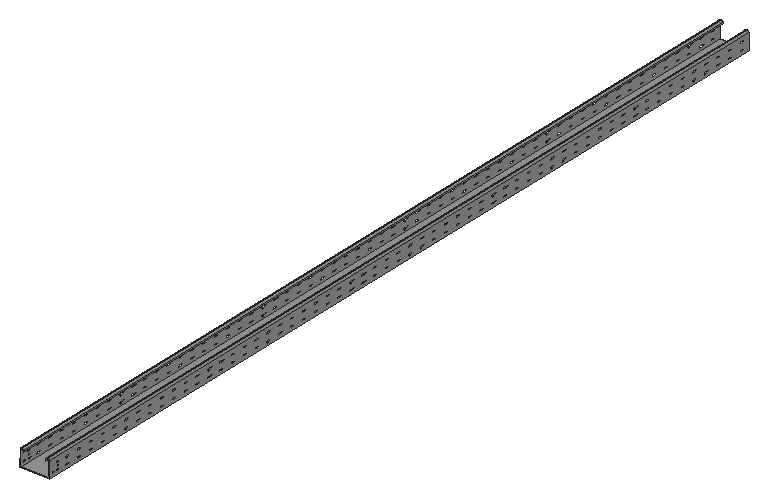
Revit family "Kabelrinne_rksm_A4_610_620_630_640_650_660", category Generic Models, Revit 2017 (continued)
Dimensions and locks
  cut or joined group 1 (Extrusion 1, Extrusion 5, Extrusion 8, Extrusion 10, Extrusion 11, Extrusion 13, Extrusion 14, Extrusion 15, Extrusion 16, Extrusion 17, Extrusion 18, Extrusion 19, Extrusion 20, Extrusion 21, Extrusion 22, Extrusion 23, Extrusion 24, Extrusion 25, Extrusion 26, Extrusion 27, Extrusion 28, Extrusion 29, Extrusion 30, Extrusion 31, Extrusion 32, Extrusion 33, Extrusion 34, Extrusion 35, Extrusion 36, Extrusion 37, Extrusion 38, Extrusion 39, Extrusion 40, Extrusion 41, Extrusion 42, Extrusion 43, Extrusion 44, Extrusion 45, Extrusion 46, Extrusion 47, Extrusion 48, Extrusion 49, Extrusion 50, Extrusion 51, Extrusion 52, Extrusion 53, Extrusion 54, Extrusion 55, Extrusion 56, Extrusion 57, Extrusion 58, Extrusion 59, Extrusion 60, Extrusion 61, Extrusion 62, Extrusion 63, Extrusion 64, Extrusion 65, Extrusion 66, Extrusion 67, Extrusion 68, Extrusion 69, Extrusion 70, Extrusion 71, Extrusion 72, Extrusion 73, Extrusion 74, Extrusion 75, Extrusion 76, Extrusion 77, Extrusion 78, Extrusion 79, Extrusion 80, Extrusion 81, Extrusion 82, Extrusion 83, Extrusion 84, Extrusion 85, Extrusion 86, Extrusion 87, Extrusion 88, Extrusion 89, Extrusion 90, Extrusion 91, Extrusion 92, Extrusion 93, Extrusion 94, Extrusion 95, Extrusion 96, Extrusion 97, Extrusion 98, Extrusion 99, Extrusion 100, Extrusion 101, Extrusion 102, Extrusion 103, Extrusion 104, Extrusion 105, Extrusion 106, Extrusion 107, Extrusion 108, Extrusion 109, Extrusion 110, Extrusion 111, Extrusion 112, Extrusion 113, Extrusion 114, Extrusion 115, Extrusion 116, Extrusion 117, Extrusion 118, Extrusion 119, Extrusion 120, Extrusion 121, Extrusion 122, Extrusion 123, Extrusion 124, Extrusion 125, Extrusion 126, Extrusion 127, Extrusion 128, Extrusion 129, Extrusion 130, Extrusion 131, Extrusion 132, Extrusion 133, Extrusion 134, Extrusion 135, Extrusion 136, Extrusion 137, Extrusion 138, Extrusion 139, Extrusion 140, Extrusion 141, Extrusion 142, Extrusion 143, Extrusion 144, Extrusion 145, Extrusion 146, Extrusion 147, Extrusion 148, Extrusion 149, Extrusion 150, Extrusion 151, Extrusion 152, Extrusion 153, Extrusion 154, Extrusion 155, Extrusion 156, Extrusion 157, Extrusion 158, Extrusion 159, Extrusion 160, Extrusion 161, Extrusion 162, Extrusion 163, Extrusion 164, Extrusion 165, Extrusion 166, Extrusion 167, Extrusion 168, Extrusion 169, Extrusion 170, Extrusion 171, Extrusion 172, Extrusion 173, Extrusion 174, Extrusion 175, Extrusion 176, Extrusion 177, Extrusion 178, Extrusion 179, Extrusion 180, Extrusion 181, Extrusion 182, Extrusion 183, Extrusion 184, Extrusion 185, Extrusion 186, Extrusion 187, Extrusion 188, Extrusion 189, Extrusion 190, Extrusion 191, Extrusion 192, Extrusion 193, Extrusion 194, Extrusion 195, Extrusion 196, Extrusion 197, Extrusion 198, Extrusion 199, Extrusion 200, Extrusion 201, Extrusion 202, Extrusion 203, Extrusion 204, Extrusion 205, Extrusion 206, Extrusion 207, Extrusion 208, Extrusion 209, Extrusion 210, Extrusion 211, Extrusion 212, Extrusion 213, Extrusion 214, Extrusion 215, Extrusion 216, Extrusion 217, Extrusion 218, Extrusion 219, Extrusion 220, Extrusion 221, Extrusion 222, Extrusion 223, Extrusion 224, Extrusion 225, Extrusion 226, Extrusion 227, Extrusion 228, Extrusion 229, Extrusion 230, Extrusion 231, Extrusion 232, Extrusion 233, Extrusion 234, Extrusion 235, Extrusion 236, Extrusion 237, Extrusion 238, Extrusion 239, Extrusion 240, Extrusion 241, Extrusion 242, Extrusion 243, Extrusion 244, Extrusion 245, Extrusion 246, Extrusion 247, Extrusion 248, Extrusion 249, Extrusion 250, Extrusion 251, Extrusion 252, Extrusion 253, Extrusion 254, Extrusion 255, Extrusion 256, Extrusion 257, Extrusion 258, Extrusion 259, Extrusion 260, Extrusion 261, Extrusion 262, Extrusion 263, Extrusion 264, Extrusion 265, Extrusion 266, Extrusion 267, Extrusion 268, Extrusion 269, Extrusion 270, Extrusion 271, Extrusion 272, Extrusion 273, Extrusion 274, Extrusion 275, Extrusion 276, Extrusion 277) to cut or joined group 1 = 32.5 mm  (x3)
  locked: cut or joined group 1 to cut or joined group 1 at 96.18
  equal spacing: group 356, group 357, group 358, group 359, group 360, group 361, group 362, group 363, group 364, group 365, group 366, group 367, group 368, group 369, group 370, group 371, group 372, group 373, group 374, group 375, group 376, group 377, group 378, group 379, group 380, group 381, group 382, group 383, group 384  (x3)
  locked: cut or joined group 1 to cut or joined group 1 at 196.18
  locked: cut or joined group 1 to cut or joined group 1 at 296.18
  locked: Extrusion 270 sketch curve to Extrusion 270 sketch curve at 7
  locked: cut or joined group 1 to cut or joined group 1 at 9  (x2)
  locked: cut or joined group 1 to cut or joined group 1 at 23  (x2)
  locked: cut or joined group 1 to Extrusion 271 sketch curve at 9
  cut or joined group 1 to Extrusion 271 sketch curve = 28 mm
